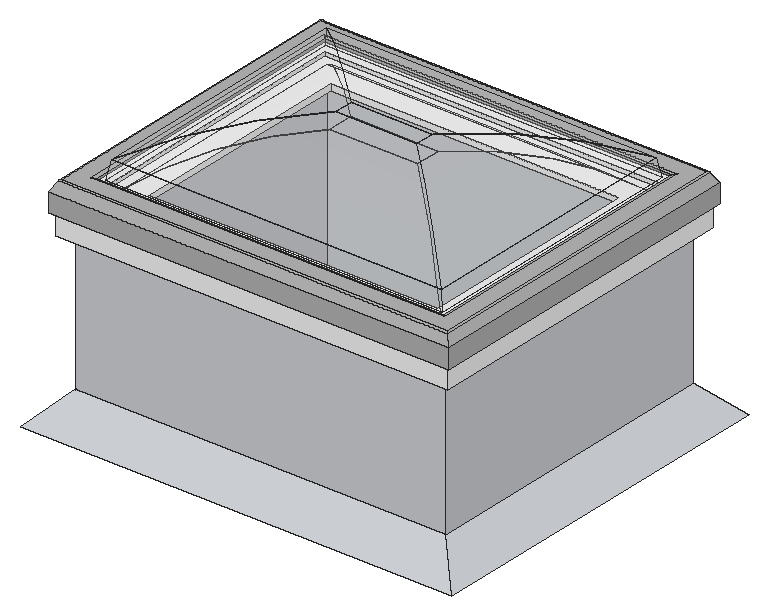
Revit family "Skylight_Curb-Mount_ArtisticSkylight_DomeGlass", category Windows, host Face, Revit 2026
Family settings
  Host = Face
  Classification Number = 23.30.30.14.11
  Cut with Voids When Loaded = No
  Shared = No
  Room Calculation Point = No
Parameters
  doubledome = yes
  Width = 2' - 0"
  Water Penetration = "as Specified"
  Warranty Duration (Years) = 0
  VLT [instance] = 0
  URL = "http://artisticskylight.com/"
  U-Factor [instance] = 0
  Test Data = "http://artisticskylight.com/technical-resources/"
  Structural Test Pressure = "as Specified"
  Standards Conformance = "as Specified"
  Specification = "http://arcat.com/sdspecs/htm/08600asd.htm"
  SpecWizard = ""
  Send Message = "http://arcat.com/users.pl?action=UserEmail&company=Artistic+Skylight+Domes+Ltd.&coid=40563&rep=119&fax=416-747-6630&mf="
  Screen Material [instance] = Plastic - ArtisticSkylight - Window Screen
  Sales Information = "http://artisticskylight.com/contact-us/"
  SHGC [instance] = 0
  Rough Width = Width - (Curb Thickness * 2)  # 1' - 9"
  Rough Height = Height - (Curb Thickness * 2)  # 1' - 5"
  Roof Membrane Thickness [instance] = 0' - 0 1/4"
  Revision = "R1_02_2014"
  Product Properties = ""
  Product Data = "http://arcat.com/arcatcos/cos40/arc40563.html"
  Model = "As Specified"
  Manufacturer Website = "http://artisticskylight.com/"
  Manufacturer Phone - Toll Free = ""
  Manufacturer Phone = "416-747-7233"
  Manufacturer Fax = "416-747-6630"
  Manufacturer Address = "255 Regina Rd.  Vaughan, ON, Canada L4L 8M3"
  Manufacturer = "Artistic Skylight Domes Ltd."
  Maintenance Schedule (Months) = 0
  Keynote = "8600"
  Installation-Fabrication = ""
  Installation Phase = ""
  Include Screen = no
  Height = 1' - 8"
  Green Building-LEED = "http://arcat.com/green/clients/leed_data_40563.html"
  Glazing Tint [instance] = Glass - ArtisticSkylight - Clear
  Frame Material [instance] = Vinyl - ArtisticSkylight - White
  Expected Lifespan (Years) = 0
  Drawn By = "Sumex Design, Inc. / Robert S. Weygant, CSI, CDT, SCIP"
  Description = "Artistic Skylight Skylight as Specified"
  Default Elevation = 0' - 0"
  Cut Depth [instance] = 1' - 2"
  Curb by Others [instance] = yes
  Curb Thickness = 0' - 1 1/2"
  Curb Height [instance] = 1' - 0"
  Cover Material [instance] = Metal - ArtisticSkylight - Aluminum
  Copyright = "©Arcat Inc."
  Construction Details = "http://arcat.com/details/artsky/artsky.html?coid=40563"
  Cant by Others [instance] = yes
  Building Codes = ""
  Assembly Code = "B3020110"
  Air Infiltration = "as Specified"
Reference planes (in)
  plane 1 "Center (Front/Back)": y = 0
  plane 2: z = 0
  plane 3 "Center (Left/Right)": x = 0
  plane 4: y = 8.5
  plane 5: y = -8.5
  plane 6: x = -10.5
  plane 7: x = 10.5
  plane 8: z = 12
  plane 9: y = 10
  plane 10: y = -10
  plane 11: x = 12
  plane 12: x = -12
  plane 13: z = 12.25
  plane 14: z = -14
Forms (in)
  Extrusion 1, solid, visible <- "Curb by Others"
    sketch origin (0, 0, 0) x (1, 0, 0) y (0, 1, 0)
      loop
        line (-10.5, 8.5) -> (-10.5, -8.5) -> (10.5, -8.5) -> (10.5, 8.5) -> (-10.5, 8.5)
      loop
        line (-12, 10) -> (-12, -10) -> (12, -10) -> (12, 10) -> (-12, 10)
    from 0 to 12
  Extrusion 2, void
    sketch origin (0, 0, 0) x (1, 0, 0) y (0, 1, 0)
      loop
        line (-10.5, 8.5) -> (-10.5, -8.5) -> (10.5, -8.5) -> (10.5, 8.5) -> (-10.5, 8.5)
    from -14 to 0
  Sweep 3, solid, visible <- "Cant by Others"
    path origin (0, 0, 0) x (1, 0, 0) y (0, 1, 0)
      loop
        line (-12, 10) -> (-12, -10) -> (12, -10) -> (12, 10) -> (-12, 10)
    profile origin (0, 10, 0) x (0, 1, 0) y (0, 0, 1)
      loop
        line (0, 0) -> (2, 0) -> (0, 2) -> (0, 0)
Dimensions and locks (in)
  "Curb Height": plane 8 to level
  equal spacing: plane 4, plane 1 "Center (Front/Back)", plane 5
  "Height": plane 9 to plane 10
  equal spacing: plane 6, plane 3 "Center (Left/Right)", plane 7
  "Width": plane 12 to plane 11
  "Curb Thickness": plane 9 to plane 4
  "Curb Thickness": plane 5 to plane 10
  "Curb Thickness": plane 7 to plane 11
  "Curb Thickness": plane 12 to plane 6
  "Roof Membrane Thickness": plane 13 to plane 8
  "Cut Depth": level to plane 14
  aligned and locked: plane 2 to host face
  aligned and locked: level to host face
  aligned and locked: plane 6 to Extrusion 1 sketch curve
  aligned and locked: plane 12 to Extrusion 1 sketch curve
  aligned and locked: Extrusion 1 sketch curve to plane 7
  aligned and locked: Extrusion 1 sketch curve to plane 11
  aligned and locked: Extrusion 1 sketch curve to plane 9
  aligned and locked: Extrusion 1 sketch curve to plane 4
  aligned and locked: plane 5 to Extrusion 1 sketch curve
  aligned and locked: plane 10 to Extrusion 1 sketch curve
  aligned and locked: plane 5 to Extrusion 2 sketch curve
  aligned and locked: Extrusion 2 sketch curve to plane 7
  aligned and locked: plane 6 to Extrusion 2 sketch curve
  aligned and locked: Extrusion 2 sketch curve to plane 4
  aligned and locked: level to Extrusion 2
  aligned and locked: Extrusion 2 to plane 14
  aligned and locked: plane 8 to Extrusion 1
  aligned and locked: Sweep 3 sketch curve to plane 11
  aligned and locked: plane 10 to Sweep 3 sketch curve
  aligned and locked: plane 12 to Sweep 3 sketch curve
  aligned and locked: Sweep 3 sketch curve to plane 9
Automatic sketch dimensions
  host sketch curve to host sketch curve = 8' - 0"  (x2)
  Sweep 3 sketch curve to level = 0' - 0"
  Sweep 3 sketch curve to profile plane = 0' - 0"
  Sweep 3 sketch curve to profile plane = 0' - 2"
  level to Sweep 3 sketch curve = 0' - 2"
Nested families (in)
  nested 1: "DomeGlass" at (0, 0, 12.25), glazing tint <- "Glazing Tint", frame material <- "Frame Material", cover material <- "Cover Material", Screen Material <- "Screen Material", curb width <- "Curb Thickness", Width <- "Width", Height <- "Height", Include Screen <- "Include Screen", doubledome <- "doubledome", type "DomeGlass"
    with upperdome 2' - 8", tripledome no, lessheighthalf 0' - 9 3/4", glazing tint Glass - ArtisticSkylight - Clear, frame material Vinyl - ArtisticSkylight - White, doubledome yes, domeheight 0' - 5", curb width 0' - 1 1/2", cover material Metal - ArtisticSkylight - Aluminum, bottomdome 1' - 10", Width 2' - 0", Screen Material Plastic - ArtisticSkylight - Window Screen, Include Screen no, Height 1' - 8"
Definition of nested family "DomeGlass"
  Parameters
    upperdome [instance] = Height + 1' 0"  # 3' - 6"
    tripledome [instance] = not(doubledome)  # yes
    lessheighthalf [instance] = (Height / 2) - 0' 0 1/4"  # 1' - 2 3/4"
    glazing tint [instance] = none
    frame material [instance] = none
    doubledome [instance] = no
    domeheight [instance] = if(doubledome, (upperdome - bottomdome) / 2, (upperdome - bottomdome) / 1.625)  # 0' - 6.15385"
    curb width [instance] = 0' - 1 1/2"
    cover material [instance] = none
    bottomdome [instance] = Height + 0' 2"  # 2' - 8"
    Width [instance] = 3' - 0"
    Warranty Duration (Years) = 0
    URL = ""
    Specification = ""
    SpecWizard = ""
    Send Message = ""
    Screen Material [instance] = none
    Sales Information = ""
    Revision = "R1_01-2014"
    Product Properties = ""
    Product Data = ""
    Model = "As Specified"
    Manufacturer Website = ""
    Manufacturer Phone - Toll Free = ""
    Manufacturer Phone = ""
    Manufacturer Fax = ""
    Manufacturer Address = ""
    Manufacturer = ""
    Maintenance Schedule (Months) = 0
    Keynote = ""
    Installation-Fabrication = ""
    Installation Phase = ""
    Include Screen [instance] = no
    Height [instance] = 2' - 6"
    Green Building-LEED = ""
    Expected Lifespan (Years) = 0
    Drawn By = "Sumex Design, Inc. / Robert S. Weygant, CSI, CDT, SCIP"
    Description = ""
    Default Elevation = 0' - 0"
    Copyright = "©Arcat Inc."
    Construction Details = ""
    Assembly Code = ""
  Reference planes (in)
    plane 1 "Center (Front/Back)": y = 0
    plane 2 "Bottom": z = 0
    plane 3 "Center (Left/Right)": x = 0
    plane 4 "Front": y = -15
    plane 5 "Back": y = 15
    plane 6 "Left": x = -18
    plane 7 "Right": x = 18
    plane 8 "Top": z = 32
    plane 9: x = 16.5
    plane 10: x = -16.5
    plane 11: y = 13.5
    plane 12: y = -13.5
  Forms (in)
    Sweep 1, solid, material <- "frame material"
      path origin (0, 0, 0) x (1, 0, 0) y (0, 1, 0)
        loop
          line (-18, 15) -> (-18, -15) -> (18, -15) -> (18, 15) -> (-18, 15)
      profile "SkylightFrame : SkylightFrame" origin (0, 15, 0) x (0, 1, 0) y (0, 0, 1)
        loop
          line (-1.5625, 0) -> (0.625, 0) -> (0.625, -1.3125) -> (0.71875, -1.3125) -> (0.71875, 0.0625) -> (0.96875, 0.0625) -> (0.96875, 1.3125) -> (0.62983, 1.89952)
          arc (0.62983, 1.89952) -> (0.58408, 1.94527) -> (0.52158, 1.96202) r 0.125
          line (0.52158, 1.96202) -> (-0.53125, 1.96202) -> (-0.77273, 1.89731) -> (-0.77273, 1.77231) -> (0.57828, 1.77231) -> (0.57828, 1) -> (-0.5625, 1) -> (-0.5625, 0.75) -> (-2.625, 0.75) -> (-2.625, 0.375) -> (-1.5625, 0.375) -> (-1.5625, 0)
    Extrusion 2, solid, material <- "frame material", visible <- "Include Screen"
      sketch origin (0, 0, 0) x (0, 1, 0) y (0, 0, 1)
        loop
          line (-13.4375, 0.375) -> (-13.4375, -2.125) -> (-11.6875, -2.125) -> (-11.6875, -0.5) -> (-12.0625, -0.125) -> (-12.4375, -0.125) -> (-12.4375, 0.375) -> (-13.4375, 0.375)
      from 2 to -2
    Extrusion 3, solid, material <- "frame material", visible <- "Include Screen"
      sketch origin (0, 0, 0) x (0, 1, 0) y (0, 0, 1)
        loop
          line (-11.6875, -0.9375) -> (-11.6875, -1.9375) -> (-10.98039, -2.64461) -> (-10.98039, -3.89461) -> (-11.33395, -4.24816) -> (-10.63885, -4.94326) -> (-10.19299, -4.4974) -> (-10.72332, -3.96707) -> (-10.72332, -2.08657) -> (-11.6875, -0.9375)
      from -0.75 to 0.75
    Extrusion 4, solid, material <- "frame material", visible <- "Include Screen"
      sketch origin (-13.80414, -181.38487, 0) x (-1, 0, 0) y (0, -1, 0)
        loop
          line (1.57086, -193.75987) -> (1.57086, -169.00987) -> (-29.17914, -169.00987) -> (-29.17914, -193.75987) -> (1.57086, -193.75987)
        loop
          line (0.82086, -169.75987) -> (-28.42914, -169.75987) -> (-28.42914, -193.00987) -> (0.82086, -193.00987) -> (0.82086, -169.75987)
      from 0.375 to 0.75
    Extrusion 5, solid, material <- "Screen Material", visible <- "Include Screen"
      sketch origin (-13.80414, -181.38487, 0) x (-1, 0, 0) y (0, -1, 0)
        loop
          line (0.82086, -193.00987) -> (0.82086, -169.75987) -> (-28.42914, -169.75987) -> (-28.42914, -193.00987) -> (0.82086, -193.00987)
      from 0.75 to 0.6875
    Sweep 6, solid, material <- "glazing tint"
      path origin (0, 0, 0) x (1, 0, 0) y (0, 1, 0)
        loop
          line (-18, -15) -> (18, -15) -> (18, 15) -> (-18, 15) -> (-18, -15)
      profile origin (-18, 0, 0) x (-1, 0, 0) y (0, 0, 1)
        loop
          line (-14.75, 5.15385) -> (-14.15348, 5.15385)
          arc (-14.15348, 5.15385) -> (-7.49456, 4.08882) -> (-1.5, 1) r 21.3495
          line (-1.5, 1) -> (0.57828, 1) -> (0.57828, 1.77231)
          arc (0.57828, 1.77231) -> (-6.58117, 5.03589) -> (-14.36955, 6.15385) r 27.68841
          line (-14.36955, 6.15385) -> (-14.75, 6.15385) -> (-14.75, 5.15385)
    Extrusion 7, solid, material <- "glazing tint"
      sketch origin (0, 0, 0) x (1, 0, 0) y (0, 1, 0)
        loop
          line (-3.25, 0.25) -> (-3.25, -0.25) -> (3.25, -0.25) -> (3.25, 0.25) -> (-3.25, 0.25)
      from 5.15385 to 6.15385
    Sweep 8, void
      path origin (0, 0, 0) x (1, 0, 0) y (0, 1, 0)
        loop
          line (-18, 15) -> (-18, -15) -> (18, -15) -> (18, 15) -> (-18, 15)
      profile origin (0, 15, 0) x (0, 1, 0) y (0, 0, 1)
        loop
          line (-1.07506, 1.77231) -> (0.57828, 1.77231) -> (0.57828, 8.77231) -> (-2.30935, 8.77231) -> (-1.07506, 1.77231)
  Cuts and joins
    Sweep 8 cuts Sweep 6
    Sweep 8 cuts Extrusion 7
    joined: Sweep 6, Extrusion 7
  Lines and regions (in)
    model lines, visible <- "Include Screen"
      curve 1: line (-18, -15, 1.77231) -> (0, 15, 1.77231)
      curve 2: line (0, 15, 1.77231) -> (18, -15, 1.77231)
  Dimensions and locks (in)
    equal spacing: plane 6 "Left", plane 3 "Center (Left/Right)", plane 7 "Right"
    "Width": plane 6 "Left" to plane 7 "Right"
    equal spacing: plane 5 "Back", plane 1 "Center (Front/Back)", plane 4 "Front"
    "Height": plane 5 "Back" to plane 4 "Front"
    locked: plane 8 "Top" to level at 32
    "curb width": plane 9 to plane 7 "Right"
    "curb width": plane 6 "Left" to plane 10
    "curb width": plane 5 "Back" to plane 11
    "curb width": plane 12 to plane 4 "Front"
    Extrusion 2 sketch curve to Extrusion 2 sketch curve to Extrusion 2 sketch curve to Extrusion 2 sketch curve = 0' - 0 1/2", 0' - 0 3/8" locked, 0' - 1 5/8" locked
    Extrusion 3 sketch curve to Extrusion 3 sketch curve to Extrusion 3 sketch curve to Extrusion 3 sketch curve to Extrusion 3 sketch curve to Extrusion 3 sketch curve to Extrusion 3 sketch curve to Extrusion 3 sketch curve to Extrusion 3 sketch curve = 0' - 1" locked, 0' - 0.14907" locked, 0' - 0.55804" locked, 0' - 1 1/4" locked, 0' - 0.07247" locked, 0' - 0.28109" locked, 0' - 0.24924" locked, 0' - 0.44586" locked
    locked: Extrusion 4 sketch curve to Extrusion 4 sketch curve at 0.75  (x4)
    locked: plane 5 "Back" to Extrusion 4 sketch curve at 2.625
    locked: Extrusion 4 sketch curve to plane 4 "Front" at 2.625
    locked: Extrusion 4 sketch curve to plane 7 "Right" at 2.625
    locked: plane 6 "Left" to Extrusion 4 sketch curve at 2.625
    locked: plane 5 "Back" to Extrusion 5 sketch curve at 3.375
    locked: Extrusion 5 sketch curve to plane 4 "Front" at 3.375
    locked: Extrusion 5 sketch curve to plane 7 "Right" at 3.375
    locked: plane 6 "Left" to Extrusion 5 sketch curve at 3.375
    "lessheighthalf": Sweep 6 sketch curve to plane 6 "Left"
    Sweep 6 sketch curve to Sweep 6 sketch curve = 0' - 0.38045"
    "domeheight": Sweep 6 sketch curve to level
    locked: Sweep 6 sketch curve to Sweep 6 sketch curve at 1
    Sweep 6 sketch curve to Sweep 6 sketch curve = 0' - 0.59652"
    locked: plane 6 "Left" to Sweep 6 sketch curve at 0.57828  (x2)
    locked: Sweep 6 sketch curve to plane 6 "Left" at 1.5
    Sweep 6 sketch curve to Sweep 6 sketch curve to level = 0' - 0.77231" locked, 0' - 1" locked
    Sweep 8 sketch curve to Sweep 8 sketch curve to plane 5 "Back" to Sweep 8 sketch curve = 0' - 1.23429", 0' - 1.07506" locked, 0' - 0.57828" locked
    locked: Sweep 8 sketch curve to level at 1.77231
    aligned and locked: Sweep 1 sketch curve to plane 4 "Front"
    aligned and locked: Sweep 1 sketch curve to plane 7 "Right"
    aligned and locked: Sweep 1 sketch curve to plane 5 "Back"
    aligned and locked: plane 6 "Left" to Sweep 1 sketch curve
    aligned and locked: plane 5 "Back" to curve 2
    aligned and locked: plane 3 "Center (Left/Right)" to curve 1
    aligned and locked: plane 7 "Right" to curve 2
    aligned and locked: curve 2 to plane 4 "Front"
    aligned and locked: plane 6 "Left" to curve 1
    aligned and locked: plane 4 "Front" to curve 1
    aligned and locked: Sweep 6 sketch curve to plane 5 "Back"
    aligned and locked: plane 6 "Left" to Sweep 6 sketch curve
    aligned and locked: Sweep 6 sketch curve to plane 4 "Front"
    aligned and locked: Sweep 6 sketch curve to plane 7 "Right"
    aligned and locked: Extrusion 7 sketch curve to Sweep 6  (x4)
    aligned and locked: Sweep 6 to Extrusion 7  (x2)
    aligned and locked: Sweep 8 sketch curve to plane 4 "Front"
    aligned and locked: Sweep 8 sketch curve to plane 7 "Right"
    aligned and locked: plane 6 "Left" to Sweep 8 sketch curve
    aligned and locked: Sweep 8 sketch curve to plane 5 "Back"
  Automatic sketch dimensions
    plane 12 to Extrusion 3 sketch curve = 0' - 1 13/16"
    plane 12 to Extrusion 3 sketch curve = 0' - 2.16605"
    Extrusion 3 sketch curve to Extrusion 3 sketch curve = 0' - 0.35355"
    Extrusion 3 sketch curve to level = 0' - 4.94326"
    plane 12 to Extrusion 2 sketch curve = 0' - 0 1/16"
    level to Extrusion 2 sketch curve = 0' - 0 3/8"
    Extrusion 2 sketch curve to Extrusion 2 sketch curve = 0' - 1"
    Extrusion 2 sketch curve to Extrusion 2 sketch curve = 0' - 0 3/8"
    Extrusion 2 sketch curve to Extrusion 2 sketch curve = 0' - 1 3/4"
    Sweep 8 sketch curve to Sweep 8 sketch curve = 0' - 7"
